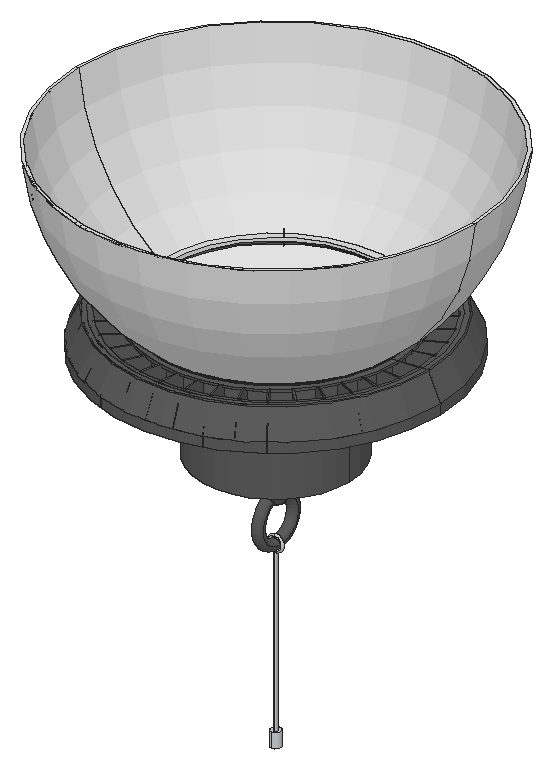
Revit family "0039352+0039359 Feilo Sylvania Lighting Fixture START HIGHBAY 6K 26KLM WIDE with ALU SHADE ALU COLOR FOR 26KLM", category Lighting Fixtures, host Face, Revit 2017
Family settings
  Host = Face
  Round Connector Dimension = Use Diameter
  Part Type = Normal
  OmniClass Number = 23.80.70.00
  OmniClass Title = Lighting
  Cut with Voids When Loaded = No
  Light Source = Yes
  Shared = No
  Room Calculation Point = No
Parameters (values of type "0039352+0039359 START HIGHBAY 6K 26KLM WIDE ALU SHADE ALU COLOR FOR 26KLM")
  WidthStraight_FEILO = if(SizeS_FEILO, 3 mm, if(SizeM_FEILO, 4 mm, 4.7 mm))  # 4.7 mm
  WidthRingChamfer_FEILO = if(SizeS_FEILO, 10.3 mm, if(SizeM_FEILO, 11.2 mm, 12.9 mm))  # 12.9 mm
  WidthCurved_FEILO = if(SizeS_FEILO, 17.4 mm, if(SizeM_FEILO, 16.4 mm, 26.2 mm))  # 26.2 mm
  WidthCurvedRing_FEILO = if(SizeS_FEILO, 3 mm, if(SizeM_FEILO, 4 mm, 4.7 mm))  # 4.7 mm
  WidthBracket_FEILO = 40 mm
  Weight = "3.7 kg"
  Wattage Comments = ""
  Wattage = 200 W
  WarrantyStartDate [instance] = "n/a"
  WarrantyGuarantorParts = "n/a"
  WarrantyDurationUnit = "n/a"
  WarrantyDurationParts = "n/a"
  WarrantyDescription = "n/a"
  built-in parameter 1150110 = 1 (stored number, unit not read)
  Voltage = 230 V
  VisibilityBracket_FEILO = no
  URL = "http://www.sylvania-lighting.com"
  TypeName = "START HIGHBAY 6K 26KLM WIDE ALU SHADE ALU COLOR FOR 26KLM"
  Type Image = <None>
  Type Comments = "n/a"
  built-in parameter 1114217 = 1 (stored number, unit not read)
  Tilt Angle = -90.00°
  ThicknessWall_FEILO = 1.5 mm
  ThicknessBracket_FEILO = 1.5 mm
  ThicknessBracketHalf_FEILO = ThicknessBracket_FEILO / 2  # 0.75 mm
  built-in parameter 1150109 = 1 (stored number, unit not read)
  built-in parameter 1150134 = 1
  SuspensionHeight_FEILO [instance] = 400 mm
  built-in parameter 1150113 = 1 (stored number, unit not read)
  SizeS_FEILO = no
  SizeM_FEILO = no
  ShadeThickness_FEILO = 3 mm
  ShadeSizeSM_FEILO = or(SizeS_FEILO, SizeM_FEILO)  # no
  ShadeRadiusOut_FEILO = 205 mm
  ShadeRadiusIn_FEILO = if(ShadeSizeSM_FEILO, 95 mm, 121 mm)  # 121 mm
  ShadeRadiusBend_FEILO = if(ShadeSizeSM_FEILO, 210 mm, 210 mm)  # 210 mm
  ShadeHeight_FEILO = if(ShadeSizeSM_FEILO, 120 mm, 151 mm)  # 151 mm
  SerialNumber [instance] = "n/a"
  Rib4_FEILO = if(SizeS_FEILO, 18.1 mm, if(SizeM_FEILO, 13.6 mm, 14.6 mm))  # 14.6 mm
  Rib3_FEILO = if(SizeS_FEILO, 15.3 mm, if(SizeM_FEILO, 17.6 mm, 20.2 mm))  # 20.2 mm
  Rib2_FEILO = if(SizeS_FEILO, 3.6 mm, if(SizeM_FEILO, 3.9 mm, 4.5 mm))  # 4.5 mm
  Rib1_FEILO = if(SizeS_FEILO, 15.1 mm, if(SizeM_FEILO, 16.5 mm, 19 mm))  # 19 mm
  RadiusDiffuser_FEILO = if(SizeS_FEILO, 95.2 mm, if(SizeM_FEILO, 105.3 mm, 120 mm))  # 120 mm
  RadiusArrayPost_FEILO = DriverRadius_FEILO - 6 mm  # 70.4 mm
  RHRadius3_FEILO = if(SizeS_FEILO, 6.6 mm, if(SizeM_FEILO, 7.4 mm, 8.6 mm))  # 8.6 mm
  RHRadius2_FEILO = if(SizeS_FEILO, 11 mm, if(SizeM_FEILO, 12 mm, 14 mm))  # 14 mm
  RHRadius1_FEILO = if(SizeS_FEILO, 13.6 mm, if(SizeM_FEILO, 14.9 mm, 17.7 mm))  # 17.7 mm
  RHHeight4_FEILO = if(SizeS_FEILO, 7.3 mm, if(SizeM_FEILO, 8 mm, 9.2 mm))  # 9.2 mm
  RHHeight3_FEILO = if(SizeS_FEILO, 3.6 mm, if(SizeM_FEILO, 3.7 mm, 4.6 mm))  # 4.6 mm
  RHHeight2_FEILO = if(SizeS_FEILO, 2 mm, if(SizeM_FEILO, 2.2 mm, 2.6 mm))  # 2.6 mm
  RHHeight1_FEILO = if(SizeS_FEILO, 11.8 mm, if(SizeM_FEILO, 15.3 mm, 17.4 mm))  # 17.4 mm
  Photometric Web File = "0039352+0039359.ies"
  Material_5_FEILO = Shade-Sylvania-StartHighbay-Alu
  Material_3_FEILO = LED-Sylvania-StartHighbay-Glow
  PowerFactor = 0.95
  PowerConsumption = "200 W"
  NominalLength = 339 mm
  NominalHeight = 194 mm
  NominalDepth = 339 mm
  Name = "START HIGHBAY 6K 26KLM WIDE ALU SHADE ALU COLOR FOR 26KLM"
  ModelReference = Name  # "START HIGHBAY 6K 26KLM WIDE ALU SHADE ALU COLOR FOR 26KLM"
  ModelNumber = "0039352+0039359"
  Model = Name  # "START HIGHBAY 6K 26KLM WIDE ALU SHADE ALU COLOR FOR 26KLM"
  Material = "aluminium alloy housing, polycarbonate diffuser"
  ManufacturerName = "Feilo Sylvania"
  Manufacturer = "Feilo Sylvania"
  LuminousEfficacy = "130 lm/W"
  built-in parameter 1150105 = 14870 (stored number, unit not read)
  Lumens = 26000 lm
  LuminaireType = ""
  built-in parameter 1150115 = 1 (stored number, unit not read)
  LightOutputRatio = "n/a"
  built-in parameter 1150137 = (empty or 0)
  built-in parameter 1150139 = (empty or 0)
  LampsType = Lamp  # "LED"
  LampNominalLuminous = "26000 lm"
  LampMacAdamStep = "n/a"
  LampColourTemperature = "6500 K"
  LampColourRenderingIndex = "80"
  built-in parameter 1150112 = 1 (stored number, unit not read)
  built-in parameter 1150114 = 1 (stored number, unit not read)
  Lamp = "LED"
  Keynote = "16500"
  InstallationDate [instance] = "n/a"
  InputVoltage = "220-240V~"
  InputNominalFrequency = "50/60 Hz"
  built-in parameter 1150132 = (empty or 0)
  built-in parameter 1150102 = (empty or 0)
  built-in parameter 1150107 = 6500 (stored number, unit not read)
  built-in parameter 1150138 = (empty or 0)
  IngressProtection = "IP65"
  ImpactProtectionIndex = "IK08"
  built-in parameter 1150106 = 148.7 (stored number, unit not read)
  IfcExportType = "IfcLightFixtureType"
  IfcExportAs = "IfcLightFixtureType"
  HeightRing_FEILO = if(SizeS_FEILO, 19.8 mm, if(SizeM_FEILO, 32 mm, 36.8 mm))  # 36.8 mm
  HeightRingChamfer_FEILO = if(SizeS_FEILO, 11.7 mm, if(SizeM_FEILO, 23.2 mm, 26.6 mm))  # 26.6 mm
  EyeThickness_FEILO = if(SizeS_FEILO, 8.4 mm, if(SizeM_FEILO, 9.2 mm, 10.5 mm))  # 10.5 mm
  EyeThicknessHalf_FEILO = EyeThickness_FEILO / 2  # 5.25 mm
  EyeInner_FEILO = if(SizeS_FEILO, 13.8 mm, if(SizeM_FEILO, 15.1 mm, 17.3 mm))  # 17.3 mm
  ExpectedLife = 50000
  Emit from Circle Diameter = RadiusDiffuser_FEILO * 2  # 240 mm
  Emit Shape Visible in Rendering = no
  ElectricShockClassification = "Class I"
  built-in parameter 1150104 = 12.077 (stored number, unit not read)
  DurationUnit = "hours"
  DriverVerticalStraight_FEILO = if(SizeS_FEILO, 46.5 mm, if(SizeM_FEILO, 49.7 mm, 57 mm))  # 57 mm
  DriverVerticalChamfer_FEILO = if(SizeS_FEILO, 7.5 mm, if(SizeM_FEILO, 8.2 mm, 9.5 mm))  # 9.5 mm
  DriverRadius_FEILO = if(SizeS_FEILO, 61.4 mm, if(SizeM_FEILO, 67.2 mm, 76.4 mm))  # 76.4 mm
  DriverRadiusTop_FEILO = if(SizeS_FEILO, 42 mm, if(SizeM_FEILO, 45.3 mm, 52.4 mm))  # 52.4 mm
  DriverBottom_FEILO = if(SizeS_FEILO, 56 mm, if(SizeM_FEILO, 64.5 mm, 74 mm))  # 74 mm
  DocumentationLiterature = "http://www.sylvania-lighting.com/product/en-int/products/0039352"
  DimmingControlOptions = "n/a"
  Material_2_FEILO = Diffuser-Sylvania-StartHighbay-Transparent
  Radius_FEILO = if(SizeS_FEILO, 135 mm, if(SizeM_FEILO, 148 mm, 169.5 mm))  # 169.5 mm
  Dimming Lamp Color Temperature Shift = <None>
  DiameterWire_FEILO = 3 mm
  DiameterWireSupport_FEILO = 10 mm
  Description = "START HIGHBAY, includes 1 m cables, black aluminium housing, 26000LM, 200W, 130lm/W, 6500K, Driver current: 5000mA, CR80, 60° beam angle, 1-10V dimmable,  IP65, IK08, 50,000 hrs (L70B50), (LxWxH) 339x339x194mm"
  Default Elevation = 1219.2 mm
  CreatedOn = "2/28/2018"
  CreatedBy = ""
  Cost = 0
  Color Filter = 16777215
  built-in parameter 1114216 [instance] = (empty or 0)
  ClassificationValue = "EF_70_80"
  ClassificationName = "Uniclass2015"
  Material_1_FEILO = Body-Sylvania-StartHighbay-Black
  BarCode [instance] = "n/a"
  built-in parameter 1114218 = 1 (stored number, unit not read)
  built-in parameter 1150133 = 10 (stored number, unit not read)
  AssetType = "Fixed"
  AssetIdentifier [instance] = "n/a"
  Assembly Code = "D5020200"
  Apparent Load = 200 VA
  Material_4_FEILO = Shade-Sylvania-StartHighbay-Alu
Reference planes
  plane 1 "Center (Front/Back)": y = 0
  plane 2: z = 0
  plane 3 "Center (Left/Right)": x = 0
  plane 4: z = 400
  plane 5: x = -169.5
  plane 6: x = -156.6
  plane 7: z = 373.4
  plane 8: z = 363.2
  plane 9: x = -151.9
  plane 10: z = 397.375
  plane 11: x = -125.7
  plane 12: x = -120
  plane 13: x = -147.2
  plane 14: z = 398.375
  plane 15: z = 396.375
  plane 16: x = -117
  plane 17: z = 395.375
  plane 18: x = -168
  plane 19: x = -150.5
  plane 20: z = 358.7
  plane 21: x = -130.3
  plane 22: z = 344.1
  plane 23: x = -20
  plane 24: z = 326
  plane 25: x = -76.4
  plane 26: z = 269
  plane 27: x = -52.4
  plane 28: z = 259.5
  plane 29: x = -17.7
  plane 30: z = 242.1
  plane 31: z = 239.5
  plane 32: x = -14
  plane 33: z = 234.9
  plane 34: z = 225.7
  plane 35: x = -8.6
  plane 36: z = 208.4
  plane 37: z = 191.1
  plane 38: x = 5.25
  plane 39: x = -5.25
  plane 40: z = 180.6
  plane 41: z = 185.85
  plane 42: x = -162.3
  plane 43: x = -167
  plane 44: z = 361.7
  plane 45: x = -155.1
  plane 46: z = 297.5
  plane 47: y = -20
  plane 48: y = 20
  plane 49: x = 169.5
  plane 50: x = 156.6
  plane 51: x = 168
  plane 52: x = 162.3
  plane 53: x = 167
  plane 54: x = 155.1
  plane 55: z = 194.1
  plane 56: y = 1.5
  plane 57: y = -1.5
  plane 58: z = 192.6
  plane 59: z = 179.1
  plane 60: z = 177.6
  plane 61: y = -5
  plane 62: y = 5
  plane 63: z = 14
  plane 64: x = -205
  plane 65: z = 551
  plane 66: x = -121
  plane 67: x = -113
  plane 68: x = -202
  plane 69: z = 403
Forms (mm)
  Revolve 1, solid, material "Body-Sylvania-StartHighbay-Black" <- "Material_1_FEILO", detail levels medium+fine
    sketch origin (0, 0, 0) x (1, 0, 0) y (0, 0, 1)
      loop
        line (-169.5, 363.2) -> (-168, 363.2) -> (-168, 373.055) -> (-156.206, 397.375) -> (-147.2, 397.375) -> (-147.2, 399.137)
        arc (-147.2, 399.137) -> (-149.554, 399.547) -> (-151.9, 400) r 132.063
        line (-151.9, 400) -> (-156.141, 400)
        arc (-156.141, 400) -> (-156.63, 399.826) -> (-156.899, 399.383) r 0.774
        line (-156.899, 399.383) -> (-169.5, 373.4) -> (-169.5, 363.2)
      axis (0, 400) -> (0, 363.2)
    angle from 360 to 0
  Revolve 2, solid, material "Body-Sylvania-StartHighbay-Black" <- "Material_1_FEILO", detail levels medium+fine
    sketch origin (0, 0, 0) x (1, 0, 0) y (0, 0, 1)
      loop
        line (-125.7, 395.375) -> (-120, 395.375) -> (-120, 373.4) -> (0, 373.4) -> (0, 395.375) -> (-117, 395.375) -> (-117, 396.375) -> (-120, 396.375) -> (-120, 397.375) -> (-125.7, 397.375) -> (-125.7, 395.375)
      axis (0, 397.375) -> (0, 373.4)
    angle from 360 to 0
  Revolve 3, solid, material "Diffuser-Sylvania-StartHighbay-Transparent" <- "Material_2_FEILO", detail levels medium+fine
    sketch origin (0, 0, 0) x (1, 0, 0) y (0, 0, 1)
      loop
        line (-120, 396.375) -> (0, 396.375) -> (0, 398.375) -> (-120, 398.375) -> (-120, 396.375)
      axis (0, 398.375) -> (0, 396.375)
    angle from 360 to 0
  Revolve 4, solid, material "Body-Sylvania-StartHighbay-Black" <- "Material_1_FEILO"
    sketch origin (0, 0, 0) x (1, 0, 0) y (0, 0, 1)
      loop
        line (-76.4, 344.1) -> (-76.4, 269) -> (-52.4, 259.5) -> (-17.7, 259.5) -> (-17.7, 242.1) -> (-14, 239.5) -> (-14, 234.9) -> (-9.037, 226.426)
        arc (-9.037, 226.426) -> (-8.49, 225.894) -> (-7.753, 225.7) r 1.5
        line (-7.753, 225.7) -> (0, 225.7) -> (0, 344.1) -> (-76.4, 344.1)
      axis (0, 344.1) -> (0, 225.7)
    angle from 360 to 0
  Revolve 5, solid, material "Body-Sylvania-StartHighbay-Black" <- "Material_1_FEILO"
    sketch origin (0, 0, 0) x (1, 0, 0) y (0, 0, 1)
      loop
        circle (0, 185.85) r 5.25
      axis (5.25, 208.4) -> (-5.25, 208.4)
    angle from 360 to 0
  Extrusion 6, solid, material "Body-Sylvania-StartHighbay-Black" <- "Material_1_FEILO", visible <- "VisibilityBracket_FEILO"
    sketch origin (0, 0, 0) x (1, 0, 0) y (0, 0, 1)
      loop
        line (-167, 363.2) -> (-167, 361.7) -> (-157.35, 361.7)
        arc (-157.35, 361.7) -> (-156.82, 361.48) -> (-156.6, 360.95) r 0.75
        line (-156.6, 360.95) -> (-156.6, 297.5) -> (-155.1, 297.5) -> (-155.1, 361.7)
        arc (-155.1, 361.7) -> (-155.539, 362.761) -> (-156.6, 363.2) r 1.5
        line (-156.6, 363.2) -> (-167, 363.2)
      loop
        line (167, 363.2) -> (156.6, 363.2)
        arc (156.6, 363.2) -> (155.539, 362.761) -> (155.1, 361.7) r 1.5
        line (155.1, 361.7) -> (155.1, 297.5) -> (156.6, 297.5) -> (156.6, 360.95)
        arc (156.6, 360.95) -> (156.82, 361.48) -> (157.35, 361.7) r 0.75
        line (157.35, 361.7) -> (167, 361.7) -> (167, 363.2)
    from -20 to 20
  Extrusion 7, void
    sketch origin (0, 0, 0) x (0, 1, 0) y (0, 0, 1)
      loop
        arc (-10, 297.5) -> (-17.071, 300.429) -> (-20, 307.5) r 10
        line (-20, 307.5) -> (-25, 307.5) -> (-25, 292.5) -> (-10, 292.5) -> (-10, 297.5)
      loop
        line (10, 297.5) -> (10, 292.5) -> (25, 292.5) -> (25, 307.5) -> (20, 307.5)
        arc (20, 307.5) -> (17.071, 300.429) -> (10, 297.5) r 10
    from -156.6 to 156.6
  Revolve 8, solid, material "Body-Sylvania-StartHighbay-Black" <- "Material_1_FEILO", detail levels coarse
    sketch origin (0, 0, 0) x (1, 0, 0) y (0, 0, 1)
      loop
        line (0, 400) -> (-156.6, 400) -> (-169.5, 373.4) -> (-169.5, 363.2) -> (-150.5, 363.2) -> (-150.5, 358.7) -> (-130.3, 344.1) -> (0, 344.1) -> (0, 400)
      axis (0, 400) -> (0, 344.1)
    angle from 360 to 0
  Revolve 9, solid
    sketch origin (0, 0, 0) x (0, 1, 0) y (0, 0, 1)
      loop
        circle (0, 192.6) r 1.5
      axis (1.5, 185.85) -> (-1.5, 185.85)
    angle from 360 to 0
  Revolve 10, solid
    sketch origin (0, 0, 0) x (0, 1, 0) y (0, 0, 1)
      loop
        line (0, 0) -> (0, 179.1) -> (-1.5, 179.1) -> (-1.5, 14) -> (-5, 14) -> (-5, 0) -> (0, 0)
      axis (0, 0) -> (0, 179.1)
    angle from 360 to 0
  Revolve 11, solid, material "Shade-Sylvania-StartHighbay-Alu" <- "Material_4_FEILO"
    sketch origin (0, 0, 0) x (1, 0, 0) y (0, 0, 1)
      loop
        line (-121, 400) -> (-113, 400) -> (-113, 403) -> (-120.341, 403)
        arc (-120.341, 403) -> (-177.055, 468.269) -> (-202.193, 551) r 207.203
        line (-202.193, 551) -> (-205, 551)
        arc (-205, 551) -> (-179.25, 466.46) -> (-121, 400) r 210
      axis (0, 551) -> (0, 400)
    angle from 360 to 0
Cuts and joins
  Extrusion 7 cuts Extrusion 6
Lines and regions (mm)
  reference lines
    curve 1: line (-169.5, 0, 373.4) -> (-156.6, 0, 400)
    curve 2: line (-125.7, 0, 397.375) -> (0, 0, 397.375)
    curve 3: arc (-125.7, 0, 397.375) -> (-138.866, 0, 398.033) -> (-151.9, 0, 400) r 132.063
    curve 4: line (-156.6, 0, 400) -> (-151.9, 0, 400)
    curve 5: line (-156.206, 0, 397.375) -> (-168, 0, 373.055)
    curve 6: line (-150.5, 0, 358.7) -> (-130.3, 0, 344.1)
    curve 7: line (-14, 0, 234.9) -> (-8.6, 0, 225.7)
    curve 8: circle (0, 0, 185.85) r 5.25 normal (0, -1, 0)
    curve 9: arc (-121, 0, 400) -> (-179.25, 0, 466.46) -> (-205, 0, 551) r 210
Dimensions and locks
  "Radius_FEILO": plane 3 "Center (Left/Right)" to plane 5
  "WidthRingChamfer_FEILO": plane 6 to plane 5
  "WidthStraight_FEILO": plane 9 to plane 6
  "WidthCurvedRing_FEILO": plane 13 to plane 9
  locked: plane 10 to plane 15 at 1
  locked: plane 14 to plane 10 at 1
  locked: plane 4 to plane 10 at 2.625
  locked: plane 15 to plane 17 at 1
  "ThicknessWall_FEILO": plane 18 to plane 5
  "ThicknessWall_FEILO": curve 5 to curve 1
  "HeightRingChamfer_FEILO": plane 4 to plane 7
  "HeightRing_FEILO": plane 4 to plane 8
  "RadiusDiffuser_FEILO": plane 3 "Center (Left/Right)" to plane 12
  locked: plane 16 to plane 12 at 3
  "WidthCurved_FEILO": plane 11 to plane 9
  "SuspensionHeight_FEILO": plane 4 to plane 2
  "Rib1_FEILO": plane 19 to plane 5
  "Rib2_FEILO": plane 8 to plane 20
  "Rib3_FEILO": plane 21 to plane 19
  "Rib4_FEILO": plane 20 to plane 22
  locked: plane 3 "Center (Left/Right)" to plane 23 at 20
  "DriverBottom_FEILO": plane 4 to plane 24
  "DriverRadius_FEILO": plane 3 "Center (Left/Right)" to plane 25
  "DriverVerticalStraight_FEILO": plane 24 to plane 26
  "DriverRadiusTop_FEILO": plane 3 "Center (Left/Right)" to plane 27
  "DriverVerticalChamfer_FEILO": plane 26 to plane 28
  "RHRadius1_FEILO": plane 3 "Center (Left/Right)" to plane 29
  "RHHeight2_FEILO": plane 30 to plane 31
  "RHRadius2_FEILO": plane 3 "Center (Left/Right)" to plane 32
  "RHHeight3_FEILO": plane 31 to plane 33
  "RHHeight4_FEILO": plane 33 to plane 34
  "RHRadius3_FEILO": plane 3 "Center (Left/Right)" to plane 35
  "RHHeight1_FEILO": plane 28 to plane 30
  "EyeInner_FEILO": plane 34 to plane 36
  "EyeInner_FEILO": plane 36 to plane 37
  equal spacing: plane 38, plane 3 "Center (Left/Right)", plane 39
  "EyeThickness_FEILO": plane 38 to plane 39
  "EyeThickness_FEILO": plane 37 to plane 40
  equal spacing: plane 37, plane 41, plane 40
  equal spacing: plane 6, plane 42, plane 18
  "ThicknessBracket_FEILO": plane 45 to plane 6
  "ThicknessBracket_FEILO": plane 8 to plane 44
  locked: plane 43 to plane 18 at 1
  equal spacing: plane 24, plane 46, plane 26
  equal spacing: plane 47, plane 1 "Center (Front/Back)", plane 48
  "WidthBracket_FEILO": plane 47 to plane 48
  "WidthRingChamfer_FEILO": plane 50 to plane 49
  "ThicknessWall_FEILO": plane 51 to plane 49
  equal spacing: plane 50, plane 52, plane 51
  "ThicknessBracket_FEILO": plane 54 to plane 50
  locked: plane 53 to plane 51 at 1
  "Radius_FEILO": plane 49 to plane 3 "Center (Left/Right)"
  equal spacing: plane 57, imposter light, plane 56
  "DiameterWire_FEILO": plane 57 to plane 56
  "DiameterWire_FEILO": plane 37 to plane 55
  equal spacing: plane 37, plane 58, plane 55
  "DiameterWire_FEILO": plane 60 to plane 40
  equal spacing: plane 60, plane 59, plane 40
  equal spacing: plane 61, plane 1 "Center (Front/Back)", plane 62
  "DiameterWireSupport_FEILO": plane 61 to plane 62
  locked: plane 63 to plane 2 at 14
  "ShadeRadiusOut_FEILO": plane 3 "Center (Left/Right)" to plane 64
  "ShadeHeight_FEILO": plane 65 to plane 4
  "ShadeRadiusIn_FEILO": plane 3 "Center (Left/Right)" to plane 66
  locked: plane 67 to plane 66 at 8
  "ShadeThickness_FEILO": plane 69 to plane 4
  "ShadeThickness_FEILO": plane 68 to plane 64
  "EyeThicknessHalf_FEILO": radius of curve 8
  "ThicknessBracket_FEILO": radius of Extrusion 6 sketch curve  (x2)
  "ThicknessBracketHalf_FEILO": radius of Extrusion 6 sketch curve  (x2)
  "DiameterWire_FEILO": diameter of Revolve 9 sketch curve
  "ShadeRadiusBend_FEILO": radius of curve 9
  aligned and locked: plane 2 to host face
  aligned and locked: level to host face
  aligned and locked: plane 5 to curve 1
  aligned and locked: plane 6 to curve 1
  aligned and locked: plane 7 to curve 1
  aligned and locked: plane 10 to curve 2
  aligned and locked: plane 9 to curve 3
  aligned and locked: plane 4 to curve 3
  aligned and locked: plane 11 to curve 3
  aligned and locked: plane 4 to curve 4
  aligned and locked: plane 18 to curve 5
  aligned and locked: plane 10 to curve 5
  aligned and locked: Revolve 1 sketch curve to plane 3 "Center (Left/Right)"
  aligned and locked: Revolve 1 sketch curve to curve 3
  aligned and locked: Revolve 1 sketch curve to curve 1
  aligned and locked: plane 4 to Revolve 1 sketch curve
  aligned and locked: plane 9 to Revolve 1 sketch curve
  aligned and locked: Revolve 1 sketch curve to plane 13
  aligned and locked: Revolve 1 sketch curve to plane 10
  aligned and locked: plane 13 to Revolve 1 sketch curve
  aligned and locked: plane 10 to Revolve 1 sketch curve
  aligned and locked: Revolve 1 sketch curve to plane 18
  aligned and locked: Revolve 1 sketch curve to plane 8
  aligned and locked: plane 5 to Revolve 1 sketch curve  (x2)
  aligned and locked: Revolve 2 sketch curve to plane 3 "Center (Left/Right)"
  aligned and locked: plane 11 to Revolve 2 sketch curve
  aligned and locked: Revolve 2 sketch curve to curve 2
  aligned and locked: plane 15 to Revolve 2 sketch curve
  aligned and locked: Revolve 2 sketch curve to plane 16
  aligned and locked: plane 17 to Revolve 2 sketch curve  (x2)
  aligned and locked: Revolve 2 sketch curve to plane 12
  aligned and locked: plane 7 to Revolve 2 sketch curve
  aligned and locked: Revolve 3 sketch curve to plane 3 "Center (Left/Right)"
  aligned and locked: Revolve 3 sketch curve to plane 14
  aligned and locked: plane 3 "Center (Left/Right)" to Revolve 3 sketch curve
  aligned and locked: Revolve 3 sketch curve to plane 12
  aligned and locked: plane 15 to Revolve 3 sketch curve
  aligned and locked: Revolve 1 sketch curve to curve 5
  aligned and locked: plane 22 to curve 6
  aligned and locked: plane 21 to curve 6
  aligned and locked: plane 20 to curve 6
  aligned and locked: plane 19 to curve 6
  aligned and locked: plane 33 to curve 7
  aligned and locked: plane 32 to curve 7
  aligned and locked: plane 35 to curve 7
  aligned and locked: plane 34 to curve 7
  aligned and locked: Revolve 4 sketch curve to plane 3 "Center (Left/Right)"
  aligned and locked: Revolve 4 sketch curve to plane 25
  aligned and locked: plane 27 to Revolve 4 sketch curve
  aligned and locked: plane 28 to Revolve 4 sketch curve
  aligned and locked: plane 30 to Revolve 4 sketch curve
  aligned and locked: Revolve 4 sketch curve to plane 29
  aligned and locked: plane 31 to Revolve 4 sketch curve
  aligned and locked: Revolve 4 sketch curve to curve 7
  aligned and locked: Revolve 4 sketch curve to plane 32
  aligned and locked: plane 34 to Revolve 4 sketch curve
  aligned and locked: plane 3 "Center (Left/Right)" to Revolve 4 sketch curve
  aligned and locked: plane 3 "Center (Left/Right)" to curve 8
  aligned and locked: plane 41 to curve 8
  aligned and locked: Revolve 5 sketch curve to plane 36
  aligned and locked: Revolve 5 sketch curve to curve 8
  aligned and locked: plane 43 to Extrusion 6 sketch curve  (x2)
  aligned and locked: plane 8 to Extrusion 6 sketch curve  (x3)
  aligned and locked: Extrusion 6 sketch curve to plane 45
  aligned and locked: Extrusion 6 sketch curve to plane 46  (x2)
  aligned and locked: plane 6 to Extrusion 6 sketch curve
  aligned and locked: Extrusion 6 sketch curve to plane 44  (x2)
  aligned and locked: Extrusion 6 to plane 48
  aligned and locked: plane 47 to Extrusion 6
  aligned and locked: plane 53 to Extrusion 6 sketch curve
  aligned and locked: plane 50 to Extrusion 6 sketch curve
  aligned and locked: Extrusion 6 sketch curve to plane 54
  aligned and locked: Extrusion 7 sketch curve to Extrusion 7 sketch curve
  aligned and locked: Extrusion 7 to plane 6
  aligned and locked: Extrusion 7 to Extrusion 6
  aligned and locked: Revolve 4 sketch curve to plane 22
  aligned and locked: plane 23 to nested 1
  aligned and locked: plane 1 "Center (Front/Back)" to nested 1
  aligned and locked: Revolve 8 sketch curve to plane 3 "Center (Left/Right)"
  aligned and locked: Revolve 8 sketch curve to plane 4
  aligned and locked: plane 6 to Revolve 8 sketch curve
  aligned and locked: plane 4 to Revolve 8 sketch curve
  aligned and locked: plane 7 to Revolve 8 sketch curve
  aligned and locked: Revolve 8 sketch curve to plane 5
  aligned and locked: plane 8 to Revolve 8 sketch curve  (x2)
  aligned and locked: Revolve 8 sketch curve to plane 19
  aligned and locked: plane 20 to Revolve 8 sketch curve
  aligned and locked: plane 19 to Revolve 8 sketch curve
  aligned and locked: plane 21 to Revolve 8 sketch curve
  aligned and locked: plane 22 to Revolve 8 sketch curve  (x2)
  aligned and locked: Revolve 8 sketch curve to Revolve 8 sketch curve
  aligned and locked: imposter light to plane 4
  aligned and locked: plane 3 "Center (Left/Right)" to imposter light
  aligned and locked: imposter light to plane 1 "Center (Front/Back)"
  aligned and locked: Revolve 9 sketch curve to plane 41
  aligned and locked: Revolve 10 sketch curve to plane 1 "Center (Front/Back)"
  aligned and locked: plane 1 "Center (Front/Back)" to Revolve 10 sketch curve  (x2)
  aligned and locked: host face to Revolve 10 sketch curve
  aligned and locked: plane 63 to Revolve 10 sketch curve
  aligned and locked: Revolve 10 sketch curve to plane 61
  aligned and locked: Revolve 10 sketch curve to plane 57
  aligned and locked: plane 59 to Revolve 10 sketch curve
  aligned and locked: plane 64 to curve 9
  aligned and locked: plane 65 to curve 9
  aligned and locked: plane 66 to curve 9
  aligned and locked: plane 4 to curve 9
  aligned and locked: Revolve 11 sketch curve to curve 9
  aligned and locked: plane 67 to Revolve 11 sketch curve
  aligned and locked: plane 66 to Revolve 11 sketch curve
  aligned and locked: plane 65 to Revolve 11 sketch curve  (x2)
  aligned and locked: Revolve 11 sketch curve to plane 67
  aligned and locked: plane 69 to Revolve 11 sketch curve
Automatic sketch dimensions
  host sketch curve to host sketch curve = 2438.4 mm  (x2)
  Revolve 1 sketch curve to plane 6 = 0.299 mm
  plane 6 to Revolve 1 sketch curve = 0.459 mm
  Revolve 1 sketch curve to level = 609.6 mm
  Revolve 1 sketch curve to Revolve 1 sketch curve = 2312.223 mm
  Revolve 2 sketch curve to plane 12 = 0 mm
  Revolve 2 sketch curve to plane 3 "Center (Left/Right)" = 0 mm
  Revolve 2 sketch curve to level = 609.6 mm
  Revolve 2 sketch curve to plane 4 = 2339.058 mm
  Revolve 3 sketch curve to level = 609.6 mm
  Revolve 3 sketch curve to plane 4 = 2339.058 mm
  Revolve 5 sketch curve to plane 5 = 1080 mm
  plane 38 to Revolve 5 sketch curve = 1219.2 mm
  Extrusion 7 sketch curve to plane 47 = 0 mm
  plane 46 to Extrusion 7 sketch curve = 0 mm  (x2)
  Extrusion 7 sketch curve to plane 48 = 0 mm
  plane 47 to Extrusion 7 sketch curve = 5 mm
  plane 1 "Center (Front/Back)" to Extrusion 7 sketch curve = 10 mm
  Extrusion 7 sketch curve to Extrusion 7 sketch curve = 10 mm
  plane 46 to Extrusion 7 sketch curve = 5 mm
  Extrusion 7 sketch curve to Extrusion 7 sketch curve = 5 mm
  Extrusion 7 sketch curve to plane 48 = 5 mm
  Revolve 4 sketch curve to plane 26 = 0 mm
  Revolve 4 sketch curve to plane 35 = 0.437 mm
  plane 35 to Revolve 4 sketch curve = 0.847 mm
  Revolve 4 sketch curve to plane 34 = 0.726 mm
  plane 40 to Revolve 4 sketch curve = 590.2 mm
  Revolve 4 sketch curve to plane 4 = 2339.058 mm
  Revolve 8 sketch curve to level = 609.6 mm
  Revolve 8 sketch curve to Revolve 8 sketch curve = 2386.058 mm
  Revolve 9 sketch curve to plane 1 "Center (Front/Back)" = 0 mm
  plane 58 to Revolve 9 sketch curve = 0 mm
  plane 47 to Revolve 9 sketch curve = 2534.941 mm
  Revolve 9 sketch curve to plane 48 = 2077.409 mm
  Revolve 10 sketch curve to Revolve 10 sketch curve = 609.6 mm
  Revolve 10 sketch curve to plane 4 = 2123.807 mm
  curve 2 to plane 3 "Center (Left/Right)" = 0 mm
  Revolve 11 sketch curve to Revolve 11 sketch curve = 0 mm  (x2)
  Revolve 11 sketch curve to plane 3 "Center (Left/Right)" = 0 mm
  plane 66 to Revolve 11 sketch curve = 0.659 mm
  Revolve 11 sketch curve to level = 609.6 mm
  Revolve 11 sketch curve to Revolve 11 sketch curve = 2068.248 mm
Nested families
  nested 1: "Start Highbay Rib" at (0, 0, 397.375), type "Type Name", detail levels medium+fine
    with SuspensionHeight_FEILO 2.6 mm
  nested 2: "Start Highbay Rib" at (0, 0, 397.375) x (0.9877, 0.1564, 0) z (0, 0, 1), type "Type Name", detail levels medium+fine
    with SuspensionHeight_FEILO 2.6 mm
  nested 3: "Start Highbay Rib" at (0, 0, 397.375) x (0.9511, 0.309, 0) z (0, 0, 1), type "Type Name", detail levels medium+fine
    with SuspensionHeight_FEILO 2.6 mm
  nested 4: "Start Highbay Rib" at (0, 0, 397.375) x (0.891, 0.454, 0) z (0, 0, 1), type "Type Name", detail levels medium+fine
    with SuspensionHeight_FEILO 2.6 mm
  nested 5: "Start Highbay Rib" at (0, 0, 397.375) x (0.809, 0.5878, 0) z (0, 0, 1), type "Type Name", detail levels medium+fine
    with SuspensionHeight_FEILO 2.6 mm
  nested 6: "Start Highbay Rib" at (0, 0, 397.375) x (0.7071, 0.7071, 0) z (0, 0, 1), type "Type Name", detail levels medium+fine
    with SuspensionHeight_FEILO 2.6 mm
  nested 7: "Start Highbay Rib" at (0, 0, 397.375) x (0.5878, 0.809, 0) z (0, 0, 1), type "Type Name", detail levels medium+fine
    with SuspensionHeight_FEILO 2.6 mm
  nested 8: "Start Highbay Rib" at (0, 0, 397.375) x (0.454, 0.891, 0) z (0, 0, 1), type "Type Name", detail levels medium+fine
    with SuspensionHeight_FEILO 2.6 mm
  nested 9: "Start Highbay Rib" at (0, 0, 397.375) x (0.309, 0.9511, 0) z (0, 0, 1), type "Type Name", detail levels medium+fine
    with SuspensionHeight_FEILO 2.6 mm
  nested 10: "Start Highbay Rib" at (0, 0, 397.375) x (0.1564, 0.9877, 0) z (0, 0, 1), type "Type Name", detail levels medium+fine
    with SuspensionHeight_FEILO 2.6 mm
  nested 11: "Start Highbay Rib" at (0, 0, 397.375) x (0, 1, 0) z (0, 0, 1), type "Type Name", detail levels medium+fine
    with SuspensionHeight_FEILO 2.6 mm
  nested 12: "Start Highbay Rib" at (0, 0, 397.375) x (-0.1564, 0.9877, 0) z (0, 0, 1), type "Type Name", detail levels medium+fine
    with SuspensionHeight_FEILO 2.6 mm
  nested 13: "Start Highbay Rib" at (0, 0, 397.375) x (-0.309, 0.9511, 0) z (0, 0, 1), type "Type Name", detail levels medium+fine
    with SuspensionHeight_FEILO 2.6 mm
  nested 14: "Start Highbay Rib" at (0, 0, 397.375) x (-0.454, 0.891, 0) z (0, 0, 1), type "Type Name", detail levels medium+fine
    with SuspensionHeight_FEILO 2.6 mm
  nested 15: "Start Highbay Rib" at (0, 0, 397.375) x (-0.5878, 0.809, 0) z (0, 0, 1), type "Type Name", detail levels medium+fine
    with SuspensionHeight_FEILO 2.6 mm
  nested 16: "Start Highbay Rib" at (0, 0, 397.375) x (-0.7071, 0.7071, 0) z (0, 0, 1), type "Type Name", detail levels medium+fine
    with SuspensionHeight_FEILO 2.6 mm
  nested 17: "Start Highbay Rib" at (0, 0, 397.375) x (-0.809, 0.5878, 0) z (0, 0, 1), type "Type Name", detail levels medium+fine
    with SuspensionHeight_FEILO 2.6 mm
  nested 18: "Start Highbay Rib" at (0, 0, 397.375) x (-0.891, 0.454, 0) z (0, 0, 1), type "Type Name", detail levels medium+fine
    with SuspensionHeight_FEILO 2.6 mm
  nested 19: "Start Highbay Rib" at (0, 0, 397.375) x (-0.9511, 0.309, 0) z (0, 0, 1), type "Type Name", detail levels medium+fine
    with SuspensionHeight_FEILO 2.6 mm
  nested 20: "Start Highbay Rib" at (0, 0, 397.375) x (-0.9877, 0.1564, 0) z (0, 0, 1), type "Type Name", detail levels medium+fine
    with SuspensionHeight_FEILO 2.6 mm
  nested 21: "Start Highbay Rib" at (0, 0, 397.375) x (-1, 0, 0) z (0, 0, 1), type "Type Name", detail levels medium+fine
    with SuspensionHeight_FEILO 2.6 mm
  nested 22: "Start Highbay Rib" at (0, 0, 397.375) x (-0.9877, -0.1564, 0) z (0, 0, 1), type "Type Name", detail levels medium+fine
    with SuspensionHeight_FEILO 2.6 mm
  nested 23: "Start Highbay Rib" at (0, 0, 397.375) x (-0.9511, -0.309, 0) z (0, 0, 1), type "Type Name", detail levels medium+fine
    with SuspensionHeight_FEILO 2.6 mm
  nested 24: "Start Highbay Rib" at (0, 0, 397.375) x (-0.891, -0.454, 0) z (0, 0, 1), type "Type Name", detail levels medium+fine
    with SuspensionHeight_FEILO 2.6 mm
  nested 25: "Start Highbay Rib" at (0, 0, 397.375) x (-0.809, -0.5878, 0) z (0, 0, 1), type "Type Name", detail levels medium+fine
    with SuspensionHeight_FEILO 2.6 mm
  nested 26: "Start Highbay Rib" at (0, 0, 397.375) x (-0.7071, -0.7071, 0) z (0, 0, 1), type "Type Name", detail levels medium+fine
    with SuspensionHeight_FEILO 2.6 mm
  nested 27: "Start Highbay Rib" at (0, 0, 397.375) x (-0.5878, -0.809, 0) z (0, 0, 1), type "Type Name", detail levels medium+fine
    with SuspensionHeight_FEILO 2.6 mm
  nested 28: "Start Highbay Rib" at (0, 0, 397.375) x (-0.454, -0.891, 0) z (0, 0, 1), type "Type Name", detail levels medium+fine
    with SuspensionHeight_FEILO 2.6 mm
  nested 29: "Start Highbay Rib" at (0, 0, 397.375) x (-0.309, -0.9511, 0) z (0, 0, 1), type "Type Name", detail levels medium+fine
    with SuspensionHeight_FEILO 2.6 mm
  nested 30: "Start Highbay Rib" at (0, 0, 397.375) x (-0.1564, -0.9877, 0) z (0, 0, 1), type "Type Name", detail levels medium+fine
    with SuspensionHeight_FEILO 2.6 mm
  nested 31: "Start Highbay Rib" at (0, 0, 397.375) x (0, -1, 0) z (0, 0, 1), type "Type Name", detail levels medium+fine
    with SuspensionHeight_FEILO 2.6 mm
  nested 32: "Start Highbay Rib" at (0, 0, 397.375) x (0.1564, -0.9877, 0) z (0, 0, 1), type "Type Name", detail levels medium+fine
    with SuspensionHeight_FEILO 2.6 mm
  nested 33: "Start Highbay Rib" at (0, 0, 397.375) x (0.309, -0.9511, 0) z (0, 0, 1), type "Type Name", detail levels medium+fine
    with SuspensionHeight_FEILO 2.6 mm
  nested 34: "Start Highbay Rib" at (0, 0, 397.375) x (0.454, -0.891, 0) z (0, 0, 1), type "Type Name", detail levels medium+fine
    with SuspensionHeight_FEILO 2.6 mm
  nested 35: "Start Highbay Rib" at (0, 0, 397.375) x (0.5878, -0.809, 0) z (0, 0, 1), type "Type Name", detail levels medium+fine
    with SuspensionHeight_FEILO 2.6 mm
  nested 36: "Start Highbay Rib" at (0, 0, 397.375) x (0.7071, -0.7071, 0) z (0, 0, 1), type "Type Name", detail levels medium+fine
    with SuspensionHeight_FEILO 2.6 mm
  nested 37: "Start Highbay Rib" at (0, 0, 397.375) x (0.809, -0.5878, 0) z (0, 0, 1), type "Type Name", detail levels medium+fine
    with SuspensionHeight_FEILO 2.6 mm
  nested 38: "Start Highbay Rib" at (0, 0, 397.375) x (0.891, -0.454, 0) z (0, 0, 1), type "Type Name", detail levels medium+fine
    with SuspensionHeight_FEILO 2.6 mm
  nested 39: "Start Highbay Rib" at (0, 0, 397.375) x (0.9511, -0.309, 0) z (0, 0, 1), type "Type Name", detail levels medium+fine
    with SuspensionHeight_FEILO 2.6 mm
  nested 40: "Start Highbay Rib" at (0, 0, 397.375) x (0.9877, -0.1564, 0) z (0, 0, 1), type "Type Name", detail levels medium+fine
    with SuspensionHeight_FEILO 2.6 mm
Connectors
  electrical at (0, 0, 0), driven by "Apparent Load", driven by "PowerFactor", driven by "Voltage"
    settings: index 1, voltage 230 V, apparent load 200 VA, apparent load phase1 0 VA, apparent load phase2 0 VA, apparent load phase3 0 VA, power factor 0.95, load classification "Lighting", number of poles 1, system type 30, power factor state 1, is connector primary yes, connector utility no, sub classification motor no, connector description ""
Definition of nested family "Start Highbay Rib"
  Parameters (values of type "Type Name")
    WidthStraight_FEILO = if(SizeS_FEILO, 3 mm, if(SizeM_FEILO, 4 mm, 4.7 mm))  # 3 mm
    WidthRingChamfer_FEILO = if(SizeS_FEILO, 10.3 mm, if(SizeM_FEILO, 11.2 mm, 12.9 mm))  # 10.3 mm
    WidthCurved_FEILO = if(SizeS_FEILO, 17.4 mm, if(SizeM_FEILO, 16.4 mm, 26.2 mm))  # 17.4 mm
    WidthCurvedRing_FEILO = if(SizeS_FEILO, 3 mm, if(SizeM_FEILO, 4 mm, 4.7 mm))  # 3 mm
    WidthBracket_FEILO = 40 mm
    URL = "http://www.feilosylvania.com"
    Type Image = (empty or 0)
    Type Comments = "n/a"
    ThicknessWall_FEILO = 1.5 mm
    ThicknessBracket_FEILO = 1.5 mm
    ThicknessBracketHalf_FEILO = ThicknessBracket_FEILO / 2  # 0.75 mm
    SuspensionHeight_FEILO [instance] = 2.6 mm
    SizeS_FEILO = yes
    SizeM_FEILO = no
    Rib4_FEILO = if(SizeS_FEILO, 18.1 mm, if(SizeM_FEILO, 13.6 mm, 14.6 mm))  # 18.1 mm
    Rib3_FEILO = if(SizeS_FEILO, 15.3 mm, if(SizeM_FEILO, 17.6 mm, 20.2 mm))  # 15.3 mm
    Rib2_FEILO = if(SizeS_FEILO, 3.6 mm, if(SizeM_FEILO, 3.9 mm, 4.5 mm))  # 3.6 mm
    Rib1_FEILO = if(SizeS_FEILO, 15.1 mm, if(SizeM_FEILO, 16.5 mm, 19 mm))  # 15.1 mm
    RadiusRib_FEILO = 2 mm
    RadiusDiffuser_FEILO = if(SizeS_FEILO, 95.2 mm, if(SizeM_FEILO, 105.3 mm, 120 mm))  # 95.2 mm
    RHRadius3_FEILO = if(SizeS_FEILO, 6.6 mm, if(SizeM_FEILO, 7.4 mm, 8.6 mm))  # 6.6 mm
    RHRadius2_FEILO = if(SizeS_FEILO, 11 mm, if(SizeM_FEILO, 12 mm, 14 mm))  # 11 mm
    RHRadius1_FEILO = if(SizeS_FEILO, 13.6 mm, if(SizeM_FEILO, 14.9 mm, 17.7 mm))  # 13.6 mm
    RHHeight4_FEILO = if(SizeS_FEILO, 7.3 mm, if(SizeM_FEILO, 8 mm, 9.2 mm))  # 7.3 mm
    RHHeight3_FEILO = if(SizeS_FEILO, 3.6 mm, if(SizeM_FEILO, 3.7 mm, 4.6 mm))  # 3.6 mm
    RHHeight2_FEILO = if(SizeS_FEILO, 2 mm, if(SizeM_FEILO, 2.2 mm, 2.6 mm))  # 2 mm
    RHHeight1_FEILO = if(SizeS_FEILO, 11.8 mm, if(SizeM_FEILO, 15.3 mm, 17.4 mm))  # 11.8 mm
    Material_3_FEILO = none
    Model = ""
    Manufacturer = "Feilo Sylvania"
    Keynote = "16500"
    HeightRing_FEILO = if(SizeS_FEILO, 19.8 mm, if(SizeM_FEILO, 32 mm, 36.8 mm))  # 19.8 mm
    HeightRingChamfer_FEILO = if(SizeS_FEILO, 11.7 mm, if(SizeM_FEILO, 23.2 mm, 26.6 mm))  # 11.7 mm
    EyeThickness_FEILO = if(SizeS_FEILO, 8.4 mm, if(SizeM_FEILO, 9.2 mm, 10.5 mm))  # 8.4 mm
    EyeThicknessHalf_FEILO = EyeThickness_FEILO / 2  # 4.2 mm
    EyeInner_FEILO = if(SizeS_FEILO, 13.8 mm, if(SizeM_FEILO, 15.1 mm, 17.3 mm))  # 13.8 mm
    DriverVerticalStraight_FEILO = if(SizeS_FEILO, 46.5 mm, if(SizeM_FEILO, 49.7 mm, 57 mm))  # 46.5 mm
    DriverVerticalChamfer_FEILO = if(SizeS_FEILO, 7.5 mm, if(SizeM_FEILO, 8.2 mm, 9.5 mm))  # 7.5 mm
    DriverRadius_FEILO = if(SizeS_FEILO, 61.4 mm, if(SizeM_FEILO, 67.2 mm, 76.4 mm))  # 61.4 mm
    DriverRadiusTop_FEILO = if(SizeS_FEILO, 42 mm, if(SizeM_FEILO, 45.3 mm, 52.4 mm))  # 42 mm
    DriverBottom_FEILO = if(SizeS_FEILO, 56 mm, if(SizeM_FEILO, 64.5 mm, 74 mm))  # 56 mm
    Material_2_FEILO = none
    Radius_FEILO = if(SizeS_FEILO, 135 mm, if(SizeM_FEILO, 148 mm, 169.5 mm))  # 135 mm
    Description = ""
    Default Elevation = 1219.2 mm
    Cost = 0
    Material_1_FEILO = none
    Assembly Code = "D5020200"
    Material_4_FEILO = none
  Reference planes
    plane 1 "Center (Front/Back)": y = 0
    plane 2: z = 0
    plane 3 "Center (Left/Right)": x = 0
    plane 4: z = 2.6
    plane 5: x = -135
    plane 6: x = -124.7
    plane 7: z = -9.1
    plane 8: z = -17.2
    plane 9: x = -121.7
    plane 10: z = -0.025
    plane 11: x = -104.3
    plane 12: x = -95.2
    plane 13: x = -118.7
    plane 14: z = 0.975
    plane 15: z = -1.025
    plane 16: x = -92.2
    plane 17: z = -2.025
    plane 18: x = -133.5
    plane 19: x = -119.9
    plane 20: z = -20.8
    plane 21: x = -104.6
    plane 22: z = -38.9
    plane 23: x = -20
    plane 24: z = -53.4
    plane 25: x = -61.4
    plane 26: z = -99.9
    plane 27: x = -42
    plane 28: z = -107.4
    plane 29: x = -13.6
    plane 30: z = -119.2
    plane 31: z = -121.2
    plane 32: x = -11
    plane 33: z = -124.8
    plane 34: z = -132.1
    plane 35: x = -6.6
    plane 36: z = -145.9
    plane 37: z = -159.7
    plane 38: x = 4.2
    plane 39: x = -4.2
    plane 40: z = -168.1
    plane 41: z = -163.9
    plane 42: x = -129.1
    plane 43: x = -132.5
    plane 44: z = -18.7
    plane 45: x = -123.2
    plane 46: z = -76.65
    plane 47: y = -20
    plane 48: y = 20
    plane 49: x = 135
    plane 50: x = 124.7
    plane 51: x = 133.5
    plane 52: x = 129.1
    plane 53: x = 132.5
    plane 54: x = 123.2
    plane 55: y = 0.75
    plane 56: y = -0.75
  Forms (mm)
    Extrusion 1, solid
      sketch origin (4.2, 0, 0) x (1, 0, 0) y (0, 1, 0)
        loop
          line (-1219.2, 1219.2) -> (-1219.2, -1219.2) -> (1219.2, -1219.2) -> (1219.2, 1219.2) -> (-1219.2, 1219.2)
      from 0 to -68.017
    Extrusion 2, solid, material <- "Material_1_FEILO"
      sketch origin (0, 0, 0) x (1, 0, 0) y (0, 0, 1)
        loop
          arc (-104.3, -0.025) -> (-111.555, 0.423) -> (-118.7, 1.76) r 58.981
          line (-118.7, 1.76) -> (-118.7, -0.025) -> (-125.012, -0.025) -> (-133.5, -9.666) -> (-133.5, -17.2) -> (-119.9, -17.2) -> (-119.9, -20.068)
          arc (-119.9, -20.068) -> (-119.778, -20.755) -> (-119.427, -21.359) r 2
          line (-119.427, -21.359) -> (-104.966, -38.467)
          arc (-104.966, -38.467) -> (-104.381, -38.789) -> (-103.723, -38.9) r 2
          line (-103.723, -38.9) -> (-20, -38.9) -> (-20, -9.1) -> (-95.2, -9.1) -> (-95.2, -2.025) -> (-104.3, -2.025) -> (-104.3, -0.025)
      from -0.75 to 0.75
  Lines and regions (mm)
    reference lines
      curve 1: line (-135, 0, -9.1) -> (-124.7, 0, 2.6)
      curve 2: line (-104.3, 0, -0.025) -> (0, 0, -0.025)
      curve 3: arc (-104.3, 0, -0.025) -> (-113.098, 0, 0.635) -> (-121.7, 0, 2.6) r 58.981
      curve 4: line (-124.7, 0, 2.6) -> (-121.7, 0, 2.6)
      curve 5: line (-125.012, 0, -0.025) -> (-133.5, 0, -9.666)
      curve 6: line (-119.9, 0, -20.8) -> (-104.6, 0, -38.9)
  Dimensions and locks
    "Radius_FEILO": plane 3 "Center (Left/Right)" to plane 5
    "WidthRingChamfer_FEILO": plane 6 to plane 5
    "WidthStraight_FEILO": plane 9 to plane 6
    "WidthCurvedRing_FEILO": plane 13 to plane 9
    locked: plane 10 to plane 15 at 1
    locked: plane 14 to plane 10 at 1
    locked: plane 4 to plane 10 at 2.625
    locked: plane 15 to plane 17 at 1
    "ThicknessWall_FEILO": plane 18 to plane 5
    "ThicknessWall_FEILO": curve 5 to curve 1
    "HeightRingChamfer_FEILO": plane 4 to plane 7
    "HeightRing_FEILO": plane 4 to plane 8
    "RadiusDiffuser_FEILO": plane 3 "Center (Left/Right)" to plane 12
    locked: plane 16 to plane 12 at 3
    "WidthCurved_FEILO": plane 11 to plane 9
    "SuspensionHeight_FEILO": plane 4 to plane 2
    "Rib1_FEILO": plane 19 to plane 5
    "Rib2_FEILO": plane 8 to plane 20
    "Rib3_FEILO": plane 21 to plane 19
    "Rib4_FEILO": plane 20 to plane 22
    locked: plane 3 "Center (Left/Right)" to plane 23 at 20
    "DriverBottom_FEILO": plane 4 to plane 24
    "DriverRadius_FEILO": plane 3 "Center (Left/Right)" to plane 25
    "DriverVerticalStraight_FEILO": plane 24 to plane 26
    "DriverRadiusTop_FEILO": plane 3 "Center (Left/Right)" to plane 27
    "DriverVerticalChamfer_FEILO": plane 26 to plane 28
    "RHRadius1_FEILO": plane 3 "Center (Left/Right)" to plane 29
    "RHHeight2_FEILO": plane 30 to plane 31
    "RHRadius2_FEILO": plane 3 "Center (Left/Right)" to plane 32
    "RHHeight3_FEILO": plane 31 to plane 33
    "RHHeight4_FEILO": plane 33 to plane 34
    "RHRadius3_FEILO": plane 3 "Center (Left/Right)" to plane 35
    "RHHeight1_FEILO": plane 28 to plane 30
    "EyeInner_FEILO": plane 34 to plane 36
    "EyeInner_FEILO": plane 36 to plane 37
    equal spacing: plane 38, plane 3 "Center (Left/Right)", plane 39
    "EyeThickness_FEILO": plane 38 to plane 39
    "EyeThickness_FEILO": plane 37 to plane 40
    equal spacing: plane 37, plane 41, plane 40
    equal spacing: plane 6, plane 42, plane 18
    "ThicknessBracket_FEILO": plane 45 to plane 6
    "ThicknessBracket_FEILO": plane 8 to plane 44
    locked: plane 43 to plane 18 at 1
    equal spacing: plane 24, plane 46, plane 26
    equal spacing: plane 47, plane 1 "Center (Front/Back)", plane 48
    "WidthBracket_FEILO": plane 47 to plane 48
    "WidthRingChamfer_FEILO": plane 50 to plane 49
    "ThicknessWall_FEILO": plane 51 to plane 49
    equal spacing: plane 50, plane 52, plane 51
    "ThicknessBracket_FEILO": plane 54 to plane 50
    locked: plane 53 to plane 51 at 1
    "Radius_FEILO": plane 49 to plane 3 "Center (Left/Right)"
    equal spacing: plane 56, plane 1 "Center (Front/Back)", plane 55
    "ThicknessWall_FEILO": plane 56 to plane 55
    "RadiusRib_FEILO": radius of Extrusion 2 sketch curve  (x2)
    aligned and locked: plane 2 to Extrusion 1
    aligned and locked: level to Extrusion 1
    aligned and locked: plane 5 to curve 1
    aligned and locked: plane 6 to curve 1
    aligned and locked: plane 7 to curve 1
    aligned and locked: plane 10 to curve 2
    aligned and locked: plane 9 to curve 3
    aligned and locked: plane 4 to curve 3
    aligned and locked: plane 11 to curve 3
    aligned and locked: plane 4 to curve 4
    aligned and locked: plane 18 to curve 5
    aligned and locked: plane 10 to curve 5
    aligned and locked: plane 22 to curve 6
    aligned and locked: plane 21 to curve 6
    aligned and locked: plane 20 to curve 6
    aligned and locked: plane 19 to curve 6
    aligned and locked: Extrusion 2 sketch curve to plane 23
    aligned and locked: Extrusion 2 sketch curve to plane 22
    aligned and locked: Extrusion 2 sketch curve to curve 6
    aligned and locked: plane 19 to Extrusion 2 sketch curve
    aligned and locked: Extrusion 2 sketch curve to plane 8
    aligned and locked: Extrusion 2 sketch curve to curve 5
    aligned and locked: Extrusion 2 sketch curve to curve 3
    aligned and locked: Extrusion 2 to plane 55
    aligned and locked: plane 56 to Extrusion 2
    aligned and locked: curve 6 to Extrusion 2 sketch curve
  Automatic sketch dimensions
    Extrusion 1 sketch curve to Extrusion 1 sketch curve = 2438.4 mm  (x2)
    curve 2 to plane 3 "Center (Left/Right)" = 0 mm
    Extrusion 2 sketch curve to plane 18 = 0 mm
    Extrusion 2 sketch curve to plane 10 = 0 mm
    Extrusion 2 sketch curve to plane 13 = 0 mm
    Extrusion 2 sketch curve to plane 7 = 0 mm
    Extrusion 2 sketch curve to plane 12 = 0 mm
    Extrusion 2 sketch curve to plane 17 = 0 mm
    plane 19 to Extrusion 2 sketch curve = 0.473 mm
    Extrusion 2 sketch curve to plane 21 = 0.366 mm
